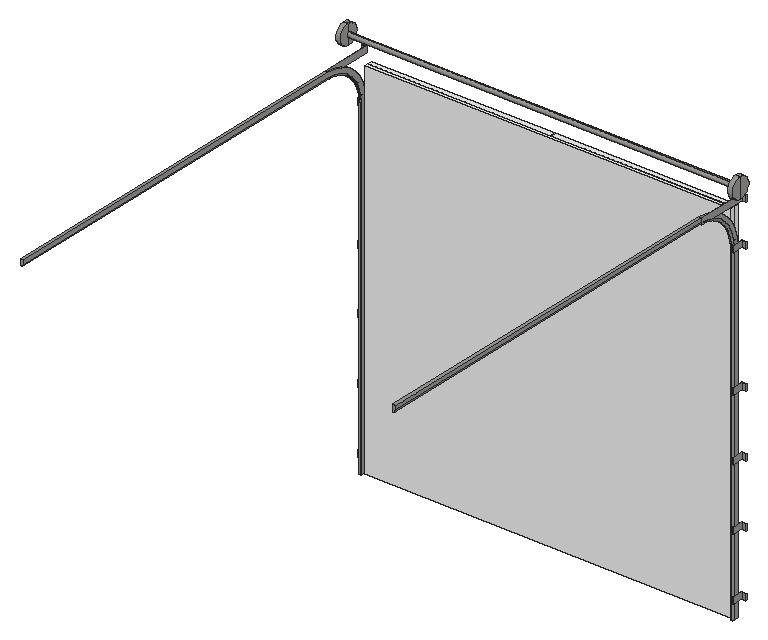
Revit family "Door_Overhead-Sectional_CarriageHouseDC_Wood-7000", category Doors, host Wall, Revit 2026
Family settings
  Host = Wall
  Classification Number = 23.30.10.17.37.14
  Always vertical = Yes
  Cut with Voids When Loaded = No
  Shared = No
  Room Calculation Point = No
Parameters (values of type "ByType")
  Wall_Wood Jamb [instance] = yes
  Wall_Steel Jamb [instance] = not(Wall_Wood Jamb)  # no
  Track Type [instance] = Tracks_Standard-Lift : Tracks_Standard-Lift
  Track Finish [instance] = Metal - Steel
  R-Value = 0
  Panel Width [instance] = 10' - 0"
  Panel Thickness Design_Interior [instance] = 0' - 0 1/4"  # constant formula
  Panel Thickness Design_Frame [instance] = 0' - 1 3/8"  # constant formula
  Panel Thickness Design_Facing [instance] = 0' - 0 1/2"
  Panel Thickness Design_Exterior Trim [instance] = 0' - 0 5/8"  # constant formula
  Panel Thickness [instance] = Panel Thickness Design_Interior + Panel Thickness Design_Frame + Panel Thickness Design_Facing + Panel Thickness Design_Exterior Trim  # 0' - 2 3/4"
  Panel Material [instance] = Finish - White
  Panel Height [instance] = 10' - 0"
  Opening Width [instance] = 10' - 0"
  Opening Height [instance] = 10' - 0"
  Track_High Lift Height [instance] = 0' - 2"
  Standards Conformance = ""
  Revision = "R1_2015-10"
  RO Offset = 0' - 0"
  Inlay Material [instance] = Finish - White Vertical Groove
  Hardware Finish [instance] = none
  Glazing Type [instance] = ""
  Glazing Tint [instance] = Glazing - as Specified
  Glazing Thickness [instance] = 0' - 0 1/8"
  Function = Exterior
  Manufacturer Phone = "916-373-1776"
  Warranty Duration (Years) = 0
  URL = "http://www.carriagedoor.com/"
  Thickness = 0' - 0"  # constant formula
  Test Data = ""
  Specification = ""
  SpecWizard = ""
  Send Message = ""
  Sales Information = "http://www.carriagedoor.com/contactUs.php"
  Rough Width = 0' - 0"  # constant formula
  Rough Height = 0' - 0"  # constant formula
  Product Properties = "http://www.carriagedoor.com/design.php"
  Product Data = "http://www.arcat.com/arcatcos/cos42/arc42007.html"
  Manufacturer Website = "http://www.carriagedoor.com/"
  Manufacturer Phone - Toll Free = "866-890-1776"
  Manufacturer Fax = "916-375-8874"
  Manufacturer Address = "1421 Richards Blvd.   Sacramento, CA 95814"
  Maintenance Schedule (Months) = 0
  Installation-Fabrication = ""
  Installation Phase = ""
  Green Building-LEED = ""
  Model = "as Specified in 08360"
  Manufacturer = "Carriage House Door Company"
  Keynote = "08360"
  Height [instance] = if(1 = 1, Panel Height, 0' 0")  # 10' - 0"
  Wall Closure = By host
  Width [instance] = if(1 = 1, Panel Width, 0' 0")  # 10' - 0"
  Fire Rating = "As Specified in 08360"
  Expected Lifespan (Years) = 0
  Drawn By = "Sumex Design, Inc. / Robert S. Weygant, CSI, CDT, SCIP"
  Door Panel Design = Door_Overhead-Sectional-Panel_CarriageHouseDC_Wood-7000 : 7000
  Description = "Carriage House Steel Door as Specified"
  Copyright = "©Arcat Inc."
  Construction Details = ""
  Building Codes = ""
  Available Options = "[Paint Grade][Stain Grade], [Ogee Trim Edge][Eased Trim Edge][Square Trim Edge]"
  Assembly Code = "B2030410"
  3 inch Track [instance] = not([2 inch Track])  # no
  2 inch Track [instance] = yes
Reference planes (in)
  plane 1 "Center (Front/Back)": y = -33.96225
  plane 2 "Center (Left/Right)": x = 64.28704
  plane 3: z = 0
  plane 4 "Right": x = 124.28704
  plane 5 "Left": x = 4.28704
  plane 6 "Closure": y = -37.96225
  plane 7: z = 0
  plane 8 "Top of Frame": z = 120
  plane 9 "RO Top": z = 120
  plane 10 "RO Right": x = 124.28704
  plane 11 "RO Left": x = 4.28704
  plane 12: x = 4.28704
  plane 13: x = 124.28704
  plane 14: z = 120
Lines and regions (in)
  Opening 1
    outline origin (-109.33485, -37.96225, 0) x (1, 0, 0) y (0, 0, 1)
      loop
        line (113.62189, 0) -> (233.62189, 0) -> (233.62189, 120) -> (113.62189, 120) -> (113.62189, 0)
Text (in)
  text "Exterior" at (58.95269, 0.56115, 0), in view "Plan"
  text "Interior" at (58.95269, -59.79114, 0), in view "Plan"
  text "Exterior" at (0, -17.98638, 123.01588), in view "Right"
  text "Interior" at (0, -64.39139, 123.01588), in view "Right"
  text "Interior" at (0, -52.09468, 121.14095), in view "Left"
  text "Exterior" at (0, 26.35325, 123.00693), in view "Left"
Dimensions and locks (in)
  equal spacing: plane 4 "Right", plane 2 "Center (Left/Right)", plane 5 "Left"
  "Opening Width": plane 5 "Left" to plane 4 "Right"
  "Opening Height": level to plane 8 "Top of Frame"
  "RO Offset": plane 5 "Left" to plane 11 "RO Left"
  "RO Offset": plane 10 "RO Right" to plane 4 "Right"
  "RO Offset": plane 9 "RO Top" to plane 8 "Top of Frame"
  equal spacing: plane 13, plane 2 "Center (Left/Right)", plane 12
  "Width": plane 13 to plane 12
  "Height": plane 14 to level
  aligned and locked: host wall to plane 1 "Center (Front/Back)"
  aligned and locked: host wall to plane 6 "Closure"
  aligned and locked: Opening 1 sketch curve to level
  aligned and locked: Opening 1 sketch curve to plane 9 "RO Top"
  aligned and locked: plane 10 "RO Right" to Opening 1 sketch curve
  aligned and locked: plane 11 "RO Left" to Opening 1 sketch curve
  aligned: nested 1 to plane 2 "Center (Left/Right)"
  aligned: plane 6 "Closure" to nested 1
  aligned and locked: nested 2 to plane 6 "Closure"
  aligned and locked: nested 2 to plane 2 "Center (Left/Right)"
Nested families (in)
  nested 1: "Tracks_Standard-Lift" at (64.28704, -40.58725, 0), Track <- "Track Finish", Unit Width <- "Width", Wood Jamb <- "Wall_Wood Jamb", 2in Track <- "2 inch Track", Door Height <- "Height", High Lift Height <- "Track_High Lift Height", Opening Height <- "Opening Height", type <- "Track Type", type "Tracks_Standard-Lift"
    with trackradinsetv 0' - 0", trackradinseth 0' - 0", sideroomint 0' - 1 5/8", roofpitchheight 0' - 0", offsettrackradv 1' - 2.73821", offsettrackradh 1' - 2.99772", offset 12' - 0", highliftcalc 0' - 1", breakoutrun 1.5, breakoutrise 12, breakawaylength 0' - 0.01746", breakaway angle 1.00°, Wood Jamb yes, Unit Width 10' - 0", Unit Depth 0' - 2", Track Radius 1' - 3", Track Offset from Door Edge 0' - 0 1/2", Track Metal - Steel, Steel Jamb no, Standard Spring Location yes, Sideroom_Spring 0' - 3", Sideroom_Jambs 0' - 3", Roof Incline 0.00°, Rear Mount Spring no, Opening Width 10' - 0", Opening Height 10' - 0", High Lift Height 0' - 2", Headroom Clearance 1' - 0", Door Height 10' - 0", Breakaway Start 1' - 2", Back Depth 11' - 10", 3in Track no, 2in Track yes, 1 in 12 Breakout no, 1 5 in 12 Breakout yes
  nested 2: "Door_Overhead-Sectional-Panel_CarriageHouseDC_Wood-7000" at (64.28704, -39.33725, 0) x (-1, 0, 0) z (0, 0, 1), Panel Material <- "Panel Material", Inlay Material <- "Inlay Material", Hardware Finish <- "Hardware Finish", Glazing Tint <- "Glazing Tint", Panel Width <- "Panel Width", Panel Thickness <- "Panel Thickness", Glazing Thickness <- "Glazing Thickness", Panel Height <- "Panel Height", type <- "Door Panel Design", type "7000"
    with Solid Panel Design Setup 2' - 3", Panel Width 10' - 0", Panel Thickness 0' - 2 3/4", Panel Material Finish - White, Panel Height 10' - 0", Number of Sections 5, Inlay Material Finish - White Vertical Groove, Hardware Finish none, Glazing Type "", Glazing Tint Glazing - as Specified, Glazing Thickness 0' - 0 1/8"
Definition of nested family "Tracks_Standard-Lift"
  Parameters
    trackradinsetv [instance] = Track Radius - (Track Radius * cos(Roof Incline))  # 0' - 0"
    trackradinseth [instance] = Track Radius * sin(Roof Incline)  # 0' - 0"
    sideroomint [instance] = if(Steel Jamb, Sideroom_Jambs, 0' 1 5/8")  # 0' - 1 5/8"
    roofpitchheight [instance] = (Back Depth) * tan(Roof Incline)  # 0' - 0"
    offsettrackradv [instance] = Track Radius - (Track Radius * sin(breakaway angle))  # 1' - 2.73821"
    offsettrackradh [instance] = Track Radius * cos(breakaway angle)  # 1' - 2.99772"
    offset [instance] = 12' - 0"
    breakoutrun [instance] = if([1 in 12 Breakout], 1, 1.5)  # 1
    breakoutrise [instance] = 12  # constant formula
    breakawaylength [instance] = (Breakaway Start + High Lift Height - Track Radius) / tan(90.00° - breakaway angle)  # 0' - 0.26183"
    breakaway angle [instance] = 1.00°  # constant formula
    Wood Jamb [instance] = yes
    Unit Width [instance] = 8' - 0"
    Unit Depth [instance] = if([2in Track], 0' 2", if([3in Track], 0' 3", 0' 2"))  # 0' - 3"
    URL = "http://www.chiohd.com/garage-doors/"
    Track Radius [instance] = 1' - 3"
    Track [instance] = none
    Steel Jamb [instance] = not(Wood Jamb)  # no
    Standard Spring Location [instance] = yes
    Specification = ""
    SpecWizard = "http://www.arcat.com/specwizard/clients/chiover.html?coid=43804"
    Track Offset from Door Edge [instance] = 0' - 0 1/2"
    Sideroom_Spring [instance] = 0' - 5"
    Sideroom_Jambs [instance] = 0' - 5"
    Sales Information = "http://www.chiohd.com/dealers/#.UQ_IQr_Xb_Y"
    Roof Incline [instance] = 0.00°
    Revision = "R1_02-2013"
    Rear Mount Spring [instance] = yes
    Product Properties = ""
    Product Data = "http://www.arcat.com/arcatcos/cos43/arc43804.html"
    Opening Width [instance] = if(Wood Jamb, Unit Width, Unit Width - 0' 1")  # 8' - 0"
    Opening Height [instance] = 8' - 0"
    Model = "As Specified"
    Manufacturer = "CHI Overhead Doors"
    Keynote = ""
    Installation-Fabrication = ""
    highliftcalc [instance] = if(Headroom Clearance < 5' 4 3/256", Headroom Clearance - 0' 11", if(and(Headroom Clearance > 5' 4", Headroom Clearance < 11' 1 3/256"), Headroom Clearance - 1' 1", if(and(Headroom Clearance > 11' 1", Headroom Clearance < 15' 0 3/256"), Headroom Clearance - 1' 5", 1' 0")))  # 1' - 10"
    High Lift Height [instance] = 1' - 10"
    Headroom Clearance [instance] = 2' - 9"
    Green Building-LEED = "http://www.arcat.com/green/clients/leed_data_43804.html"
    Drawn By = "Sumex Design, Inc. / Robert S. Weygant, CSI, CDT, SCIP"
    Door Height [instance] = 8' - 0"
    Description = ""
    Default Elevation = 4' - 0"
    Copyright = "©Arcat Inc."
    Construction Details = "http://www.arcat.com/details/chiover/chiover.html?coid=43804"
    Breakaway Start [instance] = if([1 in 12 Breakout], 0' 8", if([1 5 in 12 Breakout], 1' 2", 1' 0"))  # 0' - 8"
    Back Depth [instance] = Door Height + 1' 10"  # 9' - 10"
    Assembly Code = ""
    3in Track [instance] = not([2in Track])  # yes
    2in Track [instance] = no
    1 in 12 Breakout [instance] = yes
    1 5 in 12 Breakout [instance] = not([1 in 12 Breakout])  # no
  Reference planes (in)
    plane 1 "Center (Front/Back)": y = 0
    plane 2 "Bottom": z = 0
    plane 3 "Center (Left/Right)": x = 0
    plane 4 "Front": y = -1.5
    plane 5 "Back": y = 1.5
    plane 6 "Left": x = -48
    plane 7 "Right": x = 48
    plane 8 "Top": z = 121
    plane 9: z = 96
    plane 10: x = -48
    plane 11: x = 48
    plane 12: z = 129
    plane 13: y = -114.875
    plane 14: y = -13.49772
    plane 15: z = 106.26179
    plane 16: y = 3.125
    plane 17: z = 67.5
    plane 18: z = 47
    plane 19: z = 26.5
    plane 20: z = 6
    plane 21: z = 97.13089
    plane 22: x = 53
    plane 23: x = -53
    plane 24 "Drum CL": y = -1.875
    plane 25: z = 106
    plane 26: z = 118
    plane 27: y = -13.49772
    plane 28: z = 121
    plane 29: x = -49.625
    plane 30: x = 49.625
  Forms (in)
    Extrusion 1, solid, material <- "Track", visible <- "Wood Jamb"
      sketch origin (0, 0, 0) x (1, 0, 0) y (0, 1, 0)
        loop
          line (-49.5, -13.49772) -> (-49.5, 3.125) -> (-53, 3.125) -> (-53, 3) -> (-49.625, 3) -> (-49.625, -13.49772) -> (-49.5, -13.49772)
        loop
          line (49.5, -13.49772) -> (49.625, -13.49772) -> (49.625, 3) -> (53, 3) -> (53, 3.125) -> (49.5, 3.125) -> (49.5, -13.49772)
      from 0 to 121
    Extrusion 2, void
      sketch origin (0, 0, 0) x (0, 1, 0) y (0, 0, 1)
        loop
          line (-1.5, 5) -> (-1.5, 7) -> (3.125, 7) -> (3.125, 25.5) -> (-1.5, 25.5) -> (-1.5, 27.5) -> (3.125, 27.5) -> (3.125, 46) -> (-1.5, 46) -> (-1.5, 48) -> (3.125, 48) -> (3.125, 66.5) -> (-1.5, 66.5) -> (-1.5, 68.5) -> (3.125, 68.5) -> (3.125, 105.26179) -> (-1.5, 105.26179) -> (-1.5, 107.26179) -> (3.125, 107.26179) -> (3.125, 119) -> (-13.49772, 119) -> (-13.49772, 0) -> (3.125, 0) -> (3.125, 5) -> (-1.5, 5)
      from -53 to 53
    Extrusion 3, solid, material <- "Track", visible <- "Steel Jamb"
      sketch origin (0, 0, 0) x (1, 0, 0) y (0, 1, 0)
        loop
          line (-53, 3.125) -> (-53, -13.49772) -> (-52.875, -13.49772) -> (-52.875, 3) -> (-48.375, 3) -> (-48.375, 3.125) -> (-53, 3.125)
        loop
          line (53, 3.125) -> (48.375, 3.125) -> (48.375, 3) -> (52.875, 3) -> (52.875, -13.49772) -> (53, -13.49772) -> (53, 3.125)
      from 0 to 121
    Revolve 4, solid, material <- "Track"
      sketch origin (0, -1.875, 0) x (0, 0, -1) y (1, 0, 0)
        loop
          line (-128.25, -53) -> (-125, -53) -> (-125, 53) -> (-128.25, 53) -> (-128.25, 51.5) -> (-125.75, 51.5) -> (-125.75, -51.5) -> (-128.25, -51.5) -> (-128.25, -53)
        axis (-125, 53) -> (-125, -53)
      angle from 0 to 360
    Sweep 5, solid, material <- "Track"
      path origin (0, 0, 0) x (0, 1, 0) y (0, 0, 1)
        loop
          line (1.5, 0) -> (1.5, 106.26179)
          arc (1.5, 106.26179) -> (-2.98408, 116.69876) -> (-13.49772, 121) r 15
          line (-13.49772, 121) -> (-114.875, 121)
      profile origin (0, -64.18636, 121) x (0, 0, -1) y (1, 0, 0)
        loop
          line (2.62111, -48.5) -> (0, -48.5) -> (0, -49.5) -> (2.25, -49.5)
          arc (2.25, -49.5) -> (2.68414, -49.38263) -> (3, -49.0625) r 0.86161
          line (3, -49.0625) -> (3, -48.71875) -> (2.62111, -48.5)
    Sweep 6, solid, material <- "Track"
      path origin (0, 0, 0) x (0, 1, 0) y (0, 0, 1)
        loop
          line (1.5, 0) -> (1.5, 106.26179)
          arc (1.5, 106.26179) -> (-2.98408, 116.69876) -> (-13.49772, 121) r 15
          line (-13.49772, 121) -> (-114.875, 121)
      profile origin (0, -64.18636, 121) x (0, 0, -1) y (1, 0, 0)
        loop
          line (0, 49.5) -> (0, 48.5) -> (2.62111, 48.5) -> (3, 48.71875) -> (3, 49.0625)
          arc (3, 49.0625) -> (2.68414, 49.38263) -> (2.25, 49.5) r 0.86161
          line (2.25, 49.5) -> (0, 49.5)
  Cuts and joins
    Extrusion 2 cuts Extrusion 1
    Extrusion 2 cuts Extrusion 3
  Lines and regions (in)
    reference lines
      curve 1: arc (0, 0.25, 112.00003) -> (0, -5.28189, 118.54991) -> (0, -13.49772, 121) r 15
      curve 2: line (0, -13.49772, 121) -> (0, -114.875, 121)
  Text (in)
    text "OPENING" at (0, 24.81124, 52.10269), in view "Right"
    text "STANDARD LIFT" at (0, 24.81124, 118.55424), in view "Right"
  Dimensions and locks (in)
    equal spacing: plane 6 "Left", plane 3 "Center (Left/Right)", plane 7 "Right"
    "Unit Width": plane 6 "Left" to plane 7 "Right"
    equal spacing: plane 5 "Back", plane 1 "Center (Front/Back)", plane 4 "Front"
    "Unit Depth": plane 5 "Back" to plane 4 "Front"
    equal spacing: plane 10, plane 3 "Center (Left/Right)", plane 11
    "Opening Width": plane 10 to plane 11
    "Headroom Clearance": plane 12 to plane 9
    "Back Depth": plane 13 to plane 16
    "offsettrackradv": plane 8 "Top" to plane 15
    locked: plane 16 to plane 5 "Back" at 1.625
    "Sideroom_Jambs": Extrusion 1 sketch curve to plane 10
    "Sideroom_Jambs": plane 11 to Extrusion 1 sketch curve
    locked: plane 20 to level at 6
    equal spacing: plane 17, plane 18, plane 19, plane 20
    Extrusion 2 sketch curve to plane 20 to Extrusion 2 sketch curve = 0' - 1" locked, 0' - 1" locked
    Extrusion 2 sketch curve to plane 19 to Extrusion 2 sketch curve = 0' - 1" locked, 0' - 1" locked
    Extrusion 2 sketch curve to plane 18 to Extrusion 2 sketch curve = 0' - 1" locked, 0' - 1" locked
    Extrusion 2 sketch curve to plane 17 to Extrusion 2 sketch curve = 0' - 1" locked, 0' - 1" locked
    Extrusion 2 sketch curve to plane 15 to Extrusion 2 sketch curve = 0' - 1" locked, 0' - 1" locked
    "Sideroom_Spring": plane 23 to plane 10
    "Sideroom_Spring": plane 11 to plane 22
    locked: Extrusion 3 sketch curve to plane 10 at 0.375
    locked: plane 11 to Extrusion 3 sketch curve at 0.375
    locked: plane 24 "Drum CL" to plane 16 at 5
    locked: Revolve 4 sketch curve to plane 10 at 5
    locked: plane 11 to Revolve 4 sketch curve at 5
    locked: Revolve 4 sketch curve to Revolve 4 sketch curve at 1.5  (x2)
    locked: Revolve 4 sketch curve to Revolve 4 sketch curve at 0.75
    locked: Revolve 4 sketch curve to Revolve 4 sketch curve at 3.25  (x2)
    locked: Extrusion 1 sketch curve to Extrusion 1 sketch curve at 0.125
    "Opening Height": plane 9 to level
    "Track Radius": plane 8 "Top" to plane 25
    "High Lift Height": plane 26 to plane 9
    "Unit Depth": plane 8 "Top" to plane 26
    "offsettrackradh": plane 14 to plane 5 "Back"
    "trackradinseth": plane 14 to plane 27
    "trackradinsetv": plane 8 "Top" to plane 28
    "Unit Depth": Sweep 5 sketch curve to Sweep 5 sketch curve
    locked: plane 8 "Top" to Extrusion 2 sketch curve at 2
    "Unit Depth": Sweep 6 sketch curve to Sweep 6 sketch curve
    Extrusion 1 sketch curve to Extrusion 1 sketch curve to plane 10 = 0' - 0 1/8" locked, 0' - 1 1/2" locked
    equal spacing: Sweep 5 sketch curve, Sweep 5 sketch curve, Sweep 5 sketch curve, Sweep 5 sketch curve, plane 10
    equal spacing: plane 11, Sweep 6 sketch curve, Sweep 6 sketch curve, Sweep 6 sketch curve, Sweep 6 sketch curve
    "sideroomint": plane 29 to plane 10
    plane 29 to Sweep 5 sketch curve to Sweep 5 sketch curve to Sweep 5 sketch curve to Sweep 5 sketch curve = 0' - 0 1/8" locked, 0' - 0 7/16" locked, 0' - 0 11/32" locked, 0' - 0 7/32" locked
    "Sideroom_Jambs": Extrusion 3 sketch curve to plane 10
    locked: Extrusion 3 sketch curve to Extrusion 3 sketch curve at 0.125  (x2)
    "Sideroom_Jambs": plane 11 to Extrusion 3 sketch curve
    locked: plane 11 to Extrusion 1 sketch curve at 1.5
    "sideroomint": plane 11 to plane 30
    Sweep 6 sketch curve to Sweep 6 sketch curve to Sweep 6 sketch curve to Sweep 6 sketch curve to plane 30 = 0' - 0 7/32" locked, 0' - 0 11/32" locked, 0' - 0 7/16" locked, 0' - 0 1/8" locked
    locked: Revolve 4 sketch curve to plane 26 at 7
    "Track Radius": radius of curve 1
    "Track Radius": radius of Sweep 6 sketch curve
    "Roof Incline": angle curve 2 to plane 28
    "Roof Incline": angle Sweep 5 sketch curve to plane 28
    "Roof Incline": angle Sweep 6 sketch curve to plane 28
    aligned and locked: plane 14 to Extrusion 1 sketch curve
    aligned and locked: Extrusion 1 sketch curve to plane 14
    aligned and locked: Extrusion 2 sketch curve to plane 14
    aligned and locked: Extrusion 2 sketch curve to plane 16
    aligned and locked: plane 4 "Front" to Extrusion 2 sketch curve  (x4)
    aligned and locked: Extrusion 2 sketch curve to plane 4 "Front"
    aligned and locked: plane 23 to Extrusion 2
    aligned and locked: Extrusion 2 to plane 22
    aligned and locked: Extrusion 3 sketch curve to plane 14
    aligned and locked: plane 14 to Extrusion 3 sketch curve
    aligned and locked: Revolve 4 sketch curve to Revolve 4 sketch curve
    aligned and locked: plane 27 to curve 1
    aligned and locked: plane 25 to curve 1
    aligned and locked: plane 14 to curve 1
    aligned and locked: plane 13 to curve 2
    aligned and locked: Sweep 5 sketch curve to curve 1
    aligned and locked: plane 13 to Sweep 5 sketch curve
    aligned and locked: plane 27 to Sweep 5 sketch curve
    aligned and locked: plane 8 "Top" to Extrusion 3
    aligned and locked: plane 8 "Top" to Extrusion 1
    aligned and locked: plane 13 to Sweep 6 sketch curve
    aligned and locked: plane 15 to Sweep 5 sketch curve
    aligned and locked: plane 27 to Sweep 6 sketch curve
    aligned and locked: plane 28 to Sweep 6 sketch curve
    aligned and locked: plane 15 to Sweep 6 sketch curve
    aligned and locked: plane 5 "Back" to Sweep 6 sketch curve
  Automatic sketch dimensions
    Extrusion 1 sketch curve to plane 16 = 0' - 0"  (x2)
    Extrusion 1 sketch curve to plane 16 = 0' - 0 1/8"  (x2)
    Extrusion 3 sketch curve to plane 16 = 0' - 0"  (x2)
    Extrusion 3 sketch curve to plane 16 = 0' - 0 1/8"  (x2)
    Revolve 4 sketch curve to Revolve 4 sketch curve = 0' - 0"
    Revolve 4 sketch curve to Revolve 4 sketch curve = 0' - 3"
    Sweep 5 sketch curve to level = 0' - 0"
    Sweep 5 sketch curve to profile plane = 0' - 0"
    Sweep 5 sketch curve to Sweep 5 sketch curve = 0' - 0.37111"
    Sweep 5 sketch curve to Sweep 5 sketch curve = 0' - 0.13839"
    Sweep 6 sketch curve to profile plane = 0' - 0"
    Sweep 6 sketch curve to Sweep 6 sketch curve = 0' - 0.37111"
    Sweep 6 sketch curve to Sweep 6 sketch curve = 0' - 0.13839"
    curve 1 to plane 1 "Center (Front/Back)" = 0' - 0 1/4"
    Sweep 6 sketch curve to level = 0' - 0"
    Extrusion 2 sketch curve to plane 16 = 0' - 0"  (x5)
    Extrusion 2 sketch curve to level = 0' - 0"
Definition of nested family "Door_Overhead-Sectional-Panel_CarriageHouseDC_Wood-7000"
  Parameters
    Windowed Panel Design = no
    Warranty Duration (Years) = 0
    URL = ""
    Top Panel Type = Rectangle-Top-Panel : A
    Specification = ""
    SpecWizard = ""
    Solid Panel Design = yes
    Send Message = ""
    Sales Information = ""
    Revision = "R1_01-2014"
    Product Properties = ""
    Product Data = ""
    Panel Width [instance] = 8' - 0"
    Panel Thickness [instance] = 0' - 3"
    Panel Material [instance] = none
    Panel Height [instance] = 9' - 0"
    Number of Sections [instance] = if(Panel Height < 8' 0", 3, if(Panel Height < 10' 0", 4, if(Panel Height < 12' 0", 5, 6)))  # 4
    Model = "As Specified"
    Manufacturer Website = ""
    Manufacturer Phone - Toll Free = ""
    Manufacturer Phone = ""
    Manufacturer Fax = ""
    Manufacturer Address = ""
    Manufacturer = ""
    Maintenance Schedule (Months) = 0
    Solid Panel Design Setup [instance] = if(1 = 1, (Panel Height / Number of Sections) + 0' 3", 0' 0")  # 2' - 6"
    Keynote = ""
    Installation-Fabrication = ""
    Installation Phase = ""
    Inlay Material [instance] = none
    Hardware Finish [instance] = none
    Green Building-LEED = ""
    Glazing Type [instance] = ""
    Glazing Tint [instance] = none
    Glazing Thickness [instance] = 0' - 0 1/8"
    Expected Lifespan (Years) = 0
    Drawn By = "Sumex Design, Inc. / Robert S. Weygant, CSI, CDT, SCIP"
    Description = ""
    Default Elevation = 0' - 0"
    Copyright = "©Arcat Inc."
    Construction Details = ""
    Assembly Code = ""
  Reference planes (in)
    plane 1 "Center (Front/Back)": y = 0
    plane 2 "Bottom": z = 0
    plane 3 "Center (Left/Right)": x = 0
    plane 4 "Front": y = -1.5
    plane 5 "Back": y = 1.5
    plane 6 "Left": x = -48
    plane 7 "Right": x = 48
    plane 8 "Top": z = 108
    plane 9: z = 80
    plane 10: z = 78
    plane 11: x = -42.5
    plane 12: x = -5.5
    plane 13: x = -24
    plane 14: x = 5.5
    plane 15: x = 42.5
    plane 16: x = 24
  Forms (in)
    Extrusion 1, solid, material <- "Panel Material", visible <- "Solid Panel Design"
      sketch origin (0, 0, 0) x (1, 0, 0) y (0, 0, 1)
        loop
          line (-48, 108) -> (-48, 0) -> (0, 0) -> (0, 108) -> (-48, 108)
        loop
          line (-42.5, 5.5) -> (-26.75, 5.5) -> (-26.75, 102.5) -> (-42.5, 102.5) -> (-42.5, 5.5)
        loop
          line (-5.5, 102.5) -> (-21.25, 102.5) -> (-21.25, 5.5) -> (-5.5, 5.5) -> (-5.5, 102.5)
      from 0 to 1.5
    Extrusion 2, solid, material <- "Panel Material", visible <- "Solid Panel Design"
      sketch origin (0, 0, 0) x (1, 0, 0) y (0, 0, 1)
        loop
          line (48, 108) -> (0, 108) -> (0, 0) -> (48, 0) -> (48, 108)
        loop
          line (5.5, 102.5) -> (5.5, 5.5) -> (21.25, 5.5) -> (21.25, 102.5) -> (5.5, 102.5)
        loop
          line (42.5, 5.5) -> (42.5, 102.5) -> (26.75, 102.5) -> (26.75, 5.5) -> (42.5, 5.5)
      from 0 to 1.5
    Extrusion 3, solid, material <- "Panel Material", visible <- "Solid Panel Design"
      sketch origin (0, 0, 0) x (1, 0, 0) y (0, 0, 1)
        loop
          line (-48, 108) -> (-48, 0) -> (48, 0) -> (48, 108) -> (-48, 108)
      from -1.5 to 0
    Extrusion 4, solid, material <- "Panel Material", visible <- "Windowed Panel Design"
      sketch origin (0, 0, 0) x (1, 0, 0) y (0, 0, 1)
        loop
          line (-48, 80) -> (-48, 0) -> (0, 0) -> (0, 80) -> (-48, 80)
        loop
          line (-42.5, 5.5) -> (-26.75, 5.5) -> (-26.75, 77.25) -> (-42.5, 77.25) -> (-42.5, 5.5)
        loop
          line (-5.5, 5.5) -> (-5.5, 77.25) -> (-21.25, 77.25) -> (-21.25, 5.5) -> (-5.5, 5.5)
      from 0 to 1.5
    Extrusion 5, solid, material <- "Panel Material", visible <- "Windowed Panel Design"
      sketch origin (0, 0, 0) x (-1, 0, 0) y (0, 0, -1)
        loop
          line (-48, -80) -> (0, -80) -> (0, 0) -> (-48, 0) -> (-48, -80)
        loop
          line (-42.5, -5.5) -> (-42.5, -77.25) -> (-26.75, -77.25) -> (-26.75, -5.5) -> (-42.5, -5.5)
        loop
          line (-5.5, -5.5) -> (-21.25, -5.5) -> (-21.25, -77.25) -> (-5.5, -77.25) -> (-5.5, -5.5)
      from 0 to 1.5
    Extrusion 6, solid, material <- "Panel Material", visible <- "Windowed Panel Design"
      sketch origin (0, 0, 0) x (1, 0, 0) y (0, 0, 1)
        loop
          line (-48, 80) -> (-48, 0) -> (48, 0) -> (48, 80) -> (-48, 80)
      from -1.5 to 0
  Dimensions and locks (in)
    equal spacing: plane 6 "Left", plane 3 "Center (Left/Right)", plane 7 "Right"
    "Panel Width": plane 6 "Left" to plane 7 "Right"
    equal spacing: plane 5 "Back", plane 1 "Center (Front/Back)", plane 4 "Front"
    "Panel Thickness": plane 5 "Back" to plane 4 "Front"
    "Panel Height": plane 8 "Top" to level
    locked: plane 8 "Top" to plane 9 at 28
    "Solid Panel Design Setup": plane 8 "Top" to plane 10
    locked: Extrusion 1 sketch curve to plane 6 "Left" at 5.5
    locked: plane 3 "Center (Left/Right)" to Extrusion 1 sketch curve at 5.5
    locked: Extrusion 1 sketch curve to level at 5.5
    locked: plane 7 "Right" to Extrusion 2 sketch curve at 5.5
    locked: Extrusion 2 sketch curve to plane 3 "Center (Left/Right)" at 5.5
    locked: plane 8 "Top" to Extrusion 2 sketch curve at 5.5
    locked: Extrusion 2 sketch curve to level at 5.5
    locked: plane 9 to Extrusion 4 sketch curve at 2.75  (x2)
    locked: Extrusion 4 sketch curve to level at 5.5
    locked: plane 3 "Center (Left/Right)" to Extrusion 4 sketch curve at 5.5
    locked: Extrusion 4 sketch curve to plane 6 "Left" at 5.5
    locked: plane 9 to Extrusion 5 sketch curve at 2.75  (x2)
    locked: plane 7 "Right" to Extrusion 5 sketch curve at 5.5
    locked: Extrusion 5 sketch curve to plane 3 "Center (Left/Right)" at 5.5
    locked: Extrusion 5 sketch curve to level at 5.5
    locked: plane 8 "Top" to Extrusion 1 sketch curve at 5.5
    locked: plane 11 to plane 6 "Left" at 5.5
    locked: plane 3 "Center (Left/Right)" to plane 12 at 5.5
    locked: plane 14 to plane 3 "Center (Left/Right)" at 5.5
    locked: plane 7 "Right" to plane 15 at 5.5
    equal spacing: plane 11, plane 13, plane 12
    equal spacing: plane 14, plane 16, plane 15
    Extrusion 4 sketch curve to plane 13 to Extrusion 4 sketch curve = 0' - 2 3/4" locked, 0' - 2 3/4" locked
    Extrusion 5 sketch curve to plane 16 to Extrusion 5 sketch curve = 0' - 2 3/4" locked, 0' - 2 3/4" locked
    Extrusion 2 sketch curve to plane 16 to Extrusion 2 sketch curve = 0' - 2 3/4" locked, 0' - 2 3/4" locked
    Extrusion 1 sketch curve to plane 13 to Extrusion 1 sketch curve = 0' - 2 3/4" locked, 0' - 2 3/4" locked
    aligned and locked: plane 3 "Center (Left/Right)" to Extrusion 1 sketch curve
    aligned and locked: Extrusion 3 sketch curve to Extrusion 1  (x2)
    aligned and locked: Extrusion 3 sketch curve to Extrusion 2  (x2)
    aligned and locked: Extrusion 3 to plane 5 "Back"
    aligned and locked: plane 1 "Center (Front/Back)" to Extrusion 3
    aligned and locked: Extrusion 5 to plane 4 "Front"
    aligned and locked: Extrusion 4 to plane 4 "Front"
    aligned and locked: Extrusion 6 sketch curve to Extrusion 4  (x2)
    aligned and locked: Extrusion 6 sketch curve to Extrusion 3
    aligned and locked: Extrusion 6 sketch curve to Extrusion 2
    aligned and locked: Extrusion 6 to plane 5 "Back"
    aligned and locked: plane 1 "Center (Front/Back)" to Extrusion 6
    aligned and locked: plane 3 "Center (Left/Right)" to nested 1
    aligned and locked: nested 1 to plane 1 "Center (Front/Back)"
    aligned and locked: Extrusion 1 to plane 4 "Front"
    aligned and locked: Extrusion 2 to plane 4 "Front"
  Automatic sketch dimensions
    Extrusion 1 sketch curve to level = 0' - 0"
    Extrusion 1 sketch curve to plane 6 "Left" = 0' - 0"
    Extrusion 1 sketch curve to plane 8 "Top" = 0' - 0"
    Extrusion 2 sketch curve to level = 0' - 0"
    Extrusion 2 sketch curve to plane 3 "Center (Left/Right)" = 0' - 0"
    Extrusion 2 sketch curve to plane 7 "Right" = 0' - 0"
    Extrusion 2 sketch curve to plane 8 "Top" = 0' - 0"
    Extrusion 4 sketch curve to level = 0' - 0"
    Extrusion 4 sketch curve to plane 6 "Left" = 0' - 0"
    Extrusion 4 sketch curve to plane 3 "Center (Left/Right)" = 0' - 0"
    Extrusion 4 sketch curve to plane 9 = 0' - 0"
    Extrusion 4 sketch curve to Extrusion 4 sketch curve = 0' - 0"
    Extrusion 5 sketch curve to plane 7 "Right" = 0' - 0"
    Extrusion 5 sketch curve to level = 0' - 0"
    Extrusion 5 sketch curve to plane 3 "Center (Left/Right)" = 0' - 0"
    Extrusion 5 sketch curve to plane 9 = 0' - 0"
    Extrusion 5 sketch curve to Extrusion 5 sketch curve = 0' - 0"
    Extrusion 2 sketch curve to Extrusion 2 sketch curve = 0' - 0"
    Extrusion 2 sketch curve to plane 8 "Top" = 0' - 5 1/2"
    Extrusion 1 sketch curve to plane 8 "Top" = 0' - 5 1/2"
    level to Extrusion 1 sketch curve = 0' - 5 1/2"
  Nested families (in)
    nested 1: "Rectangle-Top-Panel" at (0, 0, 80), glazing thickness <- "Glazing Thickness", glazing <- "Glazing Tint", panel <- "Panel Material", type <- "Top Panel Type", Width <- "Panel Width", visible <- "Windowed Panel Design", Depth <- "Panel Thickness", type "A"
      with panel none, muntinreverse -0' - 0 1/4", glazing thickness 0' - 0 1/8", glazing none, built-in parameter 1001301 8' - 0", built-in parameter 1001300 2' - 4", Depth 0' - 3"
  Definition of nested family "Rectangle-Top-Panel"
    Parameters
      panel [instance] = none
      muntinreverse [instance] = -glazing thickness - 0' 0 1/8"  # -0' - 0 5/8"
      glazing thickness [instance] = 0' - 0 1/2"
      glazing [instance] = none
      Width [instance] = 8' - 0"
      Warranty Duration (Years) = 0
      Vertical Two = no
      Vertical Three = no
      Vertical One = no
      URL = ""
      Specification = ""
      SpecWizard = ""
      Send Message = ""
      Sales Information = ""
      Revision = "R1_01-2014"
      Product Properties = ""
      Product Data = ""
      Model = "As Specified"
      Manufacturer Website = ""
      Manufacturer Phone - Toll Free = ""
      Manufacturer Phone = ""
      Manufacturer Fax = ""
      Manufacturer Address = ""
      Manufacturer = ""
      Maintenance Schedule (Months) = 0
      Keynote = ""
      Installation-Fabrication = ""
      Installation Phase = ""
      Horizontal = no
      Height [instance] = 2' - 4"  # constant formula
      Green Building-LEED = ""
      Expected Lifespan (Years) = 0
      Drawn By = "Sumex Design, Inc. / Robert S. Weygant, CSI, CDT, SCIP"
      Description = ""
      Depth [instance] = 0' - 2"
      Default Elevation = 0' - 0"
      Copyright = "©Arcat Inc."
      Construction Details = ""
      Assembly Code = ""
    Reference planes (in)
      plane 1 "Center (Front/Back)": y = 0
      plane 2 "Bottom": z = 0
      plane 3 "Center (Left/Right)": x = 0
      plane 4 "Front": y = -1
      plane 5 "Back": y = 1
      plane 6 "Left": x = -48
      plane 7 "Right": x = 48
      plane 8 "Top": z = 28
      plane 9: y = -0.625
      plane 10: y = -1.125
      plane 11 "V2A": x = -30.16667
      plane 12 "V2B": x = -17.83333
      plane 13: x = -5.5
      plane 14: x = -42.5
      plane 15: x = 5.5
      plane 16: x = 42.5
      plane 17 "V2C": x = 17.83333
      plane 18 "V2D": x = 30.16667
      plane 19 "V1A": x = -24
      plane 20 "V1B": x = 24
      plane 21 "V3A": x = -33.25
      plane 22 "V3C": x = -14.75
      plane 23 "V3B": x = -24
      plane 24 "V3F": x = 33.25
      plane 25 "V3D": x = 14.75
      plane 26 "V3E": x = 24
    Forms (in)
      Extrusion 1, solid, material <- "panel"
        sketch origin (0, 0, 0) x (1, 0, 0) y (0, 0, 1)
          loop
            line (-48, 28) -> (-48, 0) -> (0, 0) -> (0, 28) -> (-48, 28)
          loop
            line (-42.5, 22.5) -> (-42.5, 2.75) -> (-5.5, 2.75) -> (-5.5, 22.5) -> (-42.5, 22.5)
        from -1 to 1
      Extrusion 2, solid, material <- "panel"
        sketch origin (0, 0, 0) x (-1, 0, 0) y (0, 0, -1)
          loop
            line (-48, -28) -> (0, -28) -> (0, 0) -> (-48, 0) -> (-48, -28)
          loop
            line (-42.5, -22.5) -> (-5.5, -22.5) -> (-5.5, -2.75) -> (-42.5, -2.75) -> (-42.5, -22.5)
        from -1 to 1
      Extrusion 3, solid, material <- "glazing"
        sketch origin (0, 0, 0) x (1, 0, 0) y (0, 0, 1)
          loop
            line (-42.5, 22.5) -> (-42.5, 2.75) -> (-5.5, 2.75) -> (-5.5, 22.5) -> (-42.5, 22.5)
          loop
            line (5.5, 22.5) -> (5.5, 2.75) -> (42.5, 2.75) -> (42.5, 22.5) -> (5.5, 22.5)
        from 0.625 to 1.125
      Extrusion 4, solid, material <- "panel", visible <- "Horizontal"
        sketch origin (50.26024, -1.125, 48) x (1, 0, 0) y (0, 0, 1)
          loop
            line (-55.76024, -36.375) -> (-55.76024, -34.375) -> (-92.76024, -34.375) -> (-92.76024, -36.375) -> (-55.76024, -36.375)
          loop
            line (-44.76024, -36.375) -> (-7.76024, -36.375) -> (-7.76024, -34.375) -> (-44.76024, -34.375) -> (-44.76024, -36.375)
        from 0.1875 to -0.625 <- "muntinreverse"
      Extrusion 5, solid, material <- "panel", visible <- "Vertical Two"
        sketch origin (50.26024, -1.125, 48) x (1, 0, 0) y (0, 0, 1)
          loop
            line (-79.42691, -25.5) -> (-81.42691, -25.5) -> (-81.42691, -45.25) -> (-79.42691, -45.25) -> (-79.42691, -25.5)
          loop
            line (-67.09357, -25.5) -> (-69.09357, -25.5) -> (-69.09357, -45.25) -> (-67.09357, -45.25) -> (-67.09357, -25.5)
          loop
            line (-31.42691, -25.5) -> (-33.42691, -25.5) -> (-33.42691, -45.25) -> (-31.42691, -45.25) -> (-31.42691, -25.5)
          loop
            line (-19.09357, -25.5) -> (-21.09357, -25.5) -> (-21.09357, -45.25) -> (-19.09357, -45.25) -> (-19.09357, -25.5)
        from 0.125 to -0.625 <- "muntinreverse"
      Extrusion 6, solid, material <- "panel", visible <- "Vertical One"
        sketch origin (50.26024, -1.125, 48) x (1, 0, 0) y (0, 0, 1)
          loop
            line (-73.26024, -25.5) -> (-75.26024, -25.5) -> (-75.26024, -45.25) -> (-73.26024, -45.25) -> (-73.26024, -25.5)
          loop
            line (-25.26024, -25.5) -> (-27.26024, -25.5) -> (-27.26024, -45.25) -> (-25.26024, -45.25) -> (-25.26024, -25.5)
        from 0.125 to -0.625 <- "muntinreverse"
      Extrusion 7, solid, material <- "panel", visible <- "Vertical Three"
        sketch origin (50.26024, -1.125, 48) x (1, 0, 0) y (0, 0, 1)
          loop
            line (-84.51024, -25.5) -> (-84.51024, -45.25) -> (-82.51024, -45.25) -> (-82.51024, -25.5) -> (-84.51024, -25.5)
          loop
            line (-75.26024, -25.5) -> (-75.26024, -45.25) -> (-73.26024, -45.25) -> (-73.26024, -25.5) -> (-75.26024, -25.5)
          loop
            line (-66.01024, -25.5) -> (-66.01024, -45.25) -> (-64.01024, -45.25) -> (-64.01024, -25.5) -> (-66.01024, -25.5)
          loop
            line (-36.51024, -25.5) -> (-36.51024, -45.25) -> (-34.51024, -45.25) -> (-34.51024, -25.5) -> (-36.51024, -25.5)
          loop
            line (-27.26024, -25.5) -> (-27.26024, -45.25) -> (-25.26024, -45.25) -> (-25.26024, -25.5) -> (-27.26024, -25.5)
          loop
            line (-18.01024, -25.5) -> (-18.01024, -45.25) -> (-16.01024, -45.25) -> (-16.01024, -25.5) -> (-18.01024, -25.5)
        from 0.125 to -0.625 <- "muntinreverse"
    Dimensions and locks (in)
      equal spacing: plane 6 "Left", plane 3 "Center (Left/Right)", plane 7 "Right"
      "Width": plane 6 "Left" to plane 7 "Right"
      equal spacing: plane 5 "Back", plane 1 "Center (Front/Back)", plane 4 "Front"
      "Depth": plane 5 "Back" to plane 4 "Front"
      "Height": plane 8 "Top" to plane 2 "Bottom"
      locked: Extrusion 1 sketch curve to plane 6 "Left" at 5.5
      locked: plane 3 "Center (Left/Right)" to Extrusion 1 sketch curve at 5.5
      locked: Extrusion 2 sketch curve to plane 3 "Center (Left/Right)" at 5.5
      locked: plane 7 "Right" to Extrusion 2 sketch curve at 5.5
      "glazing thickness": plane 9 to plane 10
      locked: plane 3 "Center (Left/Right)" to Extrusion 3 sketch curve at 5.5
      locked: Extrusion 3 sketch curve to plane 3 "Center (Left/Right)" at 5.5
      locked: plane 7 "Right" to Extrusion 3 sketch curve at 5.5
      locked: Extrusion 3 sketch curve to plane 6 "Left" at 5.5
      locked: plane 14 to plane 6 "Left" at 5.5
      locked: plane 3 "Center (Left/Right)" to plane 13 at 5.5
      locked: plane 15 to plane 3 "Center (Left/Right)" at 5.5
      locked: plane 7 "Right" to plane 16 at 5.5
      equal spacing: plane 14, plane 11 "V2A", plane 12 "V2B", plane 13
      equal spacing: plane 15, plane 17 "V2C", plane 18 "V2D", plane 16
      equal spacing: plane 14, plane 19 "V1A", plane 13
      equal spacing: plane 15, plane 20 "V1B", plane 16
      Extrusion 4 sketch curve to Extrusion 4 sketch curve to plane 2 "Bottom" = 0' - 2" locked, 0' - 11 5/8" locked  (x2)
      Extrusion 5 sketch curve to plane 18 "V2D" to Extrusion 5 sketch curve = 0' - 1" locked, 0' - 1" locked
      Extrusion 5 sketch curve to plane 17 "V2C" to Extrusion 5 sketch curve = 0' - 1" locked, 0' - 1" locked
      Extrusion 5 sketch curve to plane 11 "V2A" to Extrusion 5 sketch curve = 0' - 1" locked, 0' - 1" locked
      Extrusion 5 sketch curve to plane 12 "V2B" to Extrusion 5 sketch curve = 0' - 1" locked, 0' - 1" locked
      Extrusion 6 sketch curve to plane 19 "V1A" to Extrusion 6 sketch curve = 0' - 1" locked, 0' - 1" locked
      Extrusion 6 sketch curve to plane 20 "V1B" to Extrusion 6 sketch curve = 0' - 1" locked, 0' - 1" locked
      equal spacing: plane 14, plane 21 "V3A", plane 23 "V3B", plane 22 "V3C", plane 13
      equal spacing: plane 15, plane 25 "V3D", plane 26 "V3E", plane 24 "V3F", plane 16
      Extrusion 7 sketch curve to plane 21 "V3A" to Extrusion 7 sketch curve = 0' - 1" locked, 0' - 1" locked
      Extrusion 7 sketch curve to plane 23 "V3B" to Extrusion 7 sketch curve = 0' - 1" locked, 0' - 1" locked
      Extrusion 7 sketch curve to plane 22 "V3C" to Extrusion 7 sketch curve = 0' - 1" locked, 0' - 1" locked
      Extrusion 7 sketch curve to plane 25 "V3D" to Extrusion 7 sketch curve = 0' - 1" locked, 0' - 1" locked
      Extrusion 7 sketch curve to plane 26 "V3E" to Extrusion 7 sketch curve = 0' - 1" locked, 0' - 1" locked
      Extrusion 7 sketch curve to plane 24 "V3F" to Extrusion 7 sketch curve = 0' - 1" locked, 0' - 1" locked
      locked: plane 5 "Back" to plane 10 at 2.125
      aligned and locked: plane 5 "Back" to Extrusion 1
      aligned and locked: Extrusion 1 to plane 4 "Front"
      aligned and locked: Extrusion 2 to plane 5 "Back"
      aligned and locked: Extrusion 2 to plane 4 "Front"
      aligned and locked: plane 9 to Extrusion 3
      aligned and locked: plane 10 to Extrusion 3
      aligned and locked: Extrusion 4 sketch curve to plane 13
      aligned and locked: plane 14 to Extrusion 4 sketch curve
      aligned and locked: Extrusion 4 sketch curve to plane 15
      aligned and locked: plane 16 to Extrusion 4 sketch curve
    Automatic sketch dimensions
      Extrusion 1 sketch curve to level = 0' - 0"
      Extrusion 1 sketch curve to plane 6 "Left" = 0' - 0"
      Extrusion 1 sketch curve to plane 3 "Center (Left/Right)" = 0' - 0"
      Extrusion 1 sketch curve to plane 8 "Top" = 0' - 0"
      level to Extrusion 1 sketch curve = 0' - 2 3/4"
      Extrusion 1 sketch curve to plane 8 "Top" = 0' - 5 1/2"
      Extrusion 2 sketch curve to level = 0' - 0"
      Extrusion 2 sketch curve to plane 7 "Right" = 0' - 0"
      Extrusion 2 sketch curve to plane 3 "Center (Left/Right)" = 0' - 0"
      Extrusion 2 sketch curve to plane 8 "Top" = 0' - 0"
      Extrusion 2 sketch curve to level = 0' - 2 3/4"
      plane 8 "Top" to Extrusion 2 sketch curve = 0' - 5 1/2"
      level to Extrusion 3 sketch curve = 0' - 2 3/4"  (x2)
      Extrusion 3 sketch curve to plane 8 "Top" = 0' - 5 1/2"  (x2)
      level to Extrusion 7 sketch curve = 0' - 2 3/4"  (x6)
      Extrusion 7 sketch curve to plane 8 "Top" = 0' - 5 1/2"  (x6)
      level to Extrusion 5 sketch curve = 0' - 2 3/4"  (x4)
      Extrusion 5 sketch curve to plane 8 "Top" = 0' - 5 1/2"  (x4)
      level to Extrusion 6 sketch curve = 0' - 2 3/4"  (x2)
      Extrusion 6 sketch curve to plane 8 "Top" = 0' - 5 1/2"  (x2)
